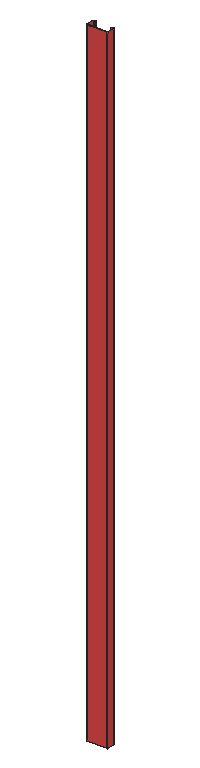
Revit family "CC column", category Structural Columns, Revit 2020
Family settings
  Section Shape = Not Defined
  Material for Model Behavior = Steel
  Always export as geometry = No
  Beam cutback in plan = From bounding box
  OmniClass Number = 23.25.30.11.14.11
  OmniClass Title = Columns
  Cut with Voids When Loaded = No
  Symbolic Representation = From Project Settings
  Shared = No
  Show family pre-cut in plan views = Yes
Parameters (values of type "CC 27")
  t1 = 1.20 mm
  W = 0
  Structural Material [instance] = Metal - Light Gauge RED
  Assembly Code = "B10"
  B = 90.00 mm
  D = 35.00 mm
  d = 11.00 mm
  A = 0.00 in²
Types (43, lengths in mm): name | t1 | B | D | d
  CC 18 | 1.20 | 90.00 | 35.00 | 11.00
  CC 20 | 1.20 | 90.00 | 35.00 | 11.00
  CC 24 | 1.20 | 90.00 | 35.00 | 11.00
  CC 44 | 1.20 | 90.00 | 35.00 | 11.00
  CC 21 | 1.20 | 90.00 | 35.00 | 11.00
  CC 17 | 1.20 | 90.00 | 35.00 | 11.00
  CC 26 | 1.20 | 90.00 | 35.00 | 11.00
  CC 30 | 1.20 | 90.00 | 35.00 | 11.00
  CC 25 | 1.20 | 90.00 | 35.00 | 11.00
  CC 34 | 1.20 | 90.00 | 35.00 | 11.00
  CC 35 | 1.20 | 90.00 | 35.00 | 11.00
  CC 38 | 1.20 | 90.00 | 35.00 | 11.00
  CC 39 | 1.20 | 90.00 | 35.00 | 11.00
  CC 31 | 1.20 | 90.00 | 35.00 | 11.00
  CC 33 | 1.20 | 90.00 | 35.00 | 11.00
  CC 1 | 2.00 | 150.00 | 75.00 | 20.00
  CC 5 | 2.00 | 150.00 | 75.00 | 20.00
  CC 9 | 2.00 | 150.00 | 75.00 | 20.00
  CC 11 | 2.00 | 150.00 | 75.00 | 20.00
  CC 14 | 2.00 | 150.00 | 75.00 | 20.00
  CC 15 | 2.00 | 150.00 | 75.00 | 20.00
  CC 40 | 2.00 | 150.00 | 75.00 | 20.00
  CC 42 | 2.00 | 150.00 | 75.00 | 20.00
  CC 41 | 2.00 | 150.00 | 75.00 | 20.00
  CC 7 | 1.20 | 220.00 | 75.00 | 20.00
  CC 29 | 1.20 | 90.00 | 35.00 | 11.00
  CC 32 | 1.20 | 90.00 | 35.00 | 11.00
  CC 43 | 1.20 | 230.00 | 75.00 | 20.00
  CC 2 | 2.00 | 150.00 | 75.00 | 20.00
  CC 4 | 2.00 | 150.00 | 75.00 | 20.00
  CC 8 | 2.00 | 150.00 | 75.00 | 20.00
  CC 22 | 1.20 | 90.00 | 35.00 | 11.00
  CC 6 | 2.00 | 150.00 | 75.00 | 20.00
  CC 10 | 2.00 | 150.00 | 75.00 | 20.00
  CC 16 | 2.00 | 150.00 | 75.00 | 20.00
  CC 23 | 1.20 | 90.00 | 35.00 | 11.00
  CC 12 | 2.00 | 150.00 | 75.00 | 20.00
  CC 3 | 1.20 | 50.00 | 35.00 | 11.00
  CC 19 | 1.20 | 90.00 | 35.00 | 11.00
  CC 36 | 1.20 | 90.00 | 35.00 | 11.00
  CC 37 | 1.20 | 90.00 | 35.00 | 11.00
  CC 28 | 1.20 | 90.00 | 35.00 | 11.00
  CC 27 | 1.20 | 90.00 | 35.00 | 11.00
Reference planes
  plane 1 "Center (Front/Back)": y = 0
  plane 2: z = 0
  plane 3 "Center (Left/Right)": x = 0
  plane 4 "Right": x = 45
  plane 5: y = 0
  plane 6: x = -34
  plane 7: x = 34
  plane 8 "Insertion(Left/Right)": x = 0
  plane 9 "2": x = -45
  plane 10: y = -35
Forms (mm)
  Extrusion 1, solid, material "Metal - Light Gauge RED" <- "Structural Material", detail levels medium
    sketch origin (-45, -55.637, 0) x (1, 0, 0) y (0, 1, 0)
      loop
        line (1.2, 54.438) -> (11, 54.438) -> (11, 55.638) -> (0, 55.638) -> (0, 20.638) -> (90, 20.638) -> (90, 55.638) -> (79, 55.638) -> (79, 54.438) -> (88.8, 54.438) -> (88.8, 21.838) -> (1.2, 21.838) -> (1.2, 54.438)
    from 0 to 2743.2
  Extrusion 2, solid, material "Metal - Light Gauge RED" <- "Structural Material", detail levels fine
    sketch origin (-45, -55.637, 0) x (1, 0, 0) y (0, 1, 0)
      loop
        arc (1.2, 52.85) -> (1.665, 53.973) -> (2.787, 54.438) r 1.588
        line (2.787, 54.438) -> (11, 54.438) -> (11, 55.638) -> (2.787, 55.638)
        arc (2.787, 55.638) -> (0.816, 54.821) -> (0, 52.85) r 2.788
        line (0, 52.85) -> (0, 23.425)
        arc (0, 23.425) -> (0.816, 21.454) -> (2.787, 20.638) r 2.787
        line (2.787, 20.638) -> (87.212, 20.638)
        arc (87.212, 20.638) -> (89.184, 21.454) -> (90, 23.425) r 2.787
        line (90, 23.425) -> (90, 52.85)
        arc (90, 52.85) -> (89.184, 54.821) -> (87.212, 55.638) r 2.788
        line (87.212, 55.638) -> (79, 55.638) -> (79, 54.438) -> (87.212, 54.438)
        arc (87.212, 54.438) -> (88.335, 53.973) -> (88.8, 52.85) r 1.588
        line (88.8, 52.85) -> (88.8, 23.425)
        arc (88.8, 23.425) -> (88.335, 22.302) -> (87.212, 21.838) r 1.588
        line (87.212, 21.838) -> (2.787, 21.838)
        arc (2.787, 21.838) -> (1.665, 22.302) -> (1.2, 23.425) r 1.587
        line (1.2, 23.425) -> (1.2, 52.85)
    from 0 to 2743.2
Lines and regions (mm)
  symbolic lines, style "Hidden Faces", detail levels medium+fine
    curve 1: line (1.2, 33.8, 2743.2) -> (1.2, 33.8, 0)
    curve 2: line (1.2, 1.2, 2743.2) -> (1.2, 1.2, 0)
    curve 3: line (1.2, 0, 2743.2) -> (1.2, 0, 0)
    curve 4: line (11, 0, 2743.2) -> (11, 0, 0)
    curve 5: line (88.8, 0, 2743.2) -> (88.8, 0, 0)
    curve 6: line (79, 0, 2743.2) -> (79, 0, 0)
  symbolic lines, style "StructuralColumnStickSymbols", detail levels coarse
    curve 7: line (-45, -35, 0) -> (-45, 0, 0)
    curve 8: line (-45, -35, 0) -> (45, -35, 0)
    curve 9: line (45, -35, 0) -> (45, 0, 0)
    curve 10: line (45, 0, 0) -> (34, 0, 0)
    curve 11: line (-45, 0, 0) -> (-34, 0, 0)
Dimensions and locks
  "t1": Extrusion 1 sketch curve to Extrusion 1 sketch curve  (x5)
  "t1": Extrusion 2 sketch curve to Extrusion 2 sketch curve  (x5)
  "d": plane 9 "2" to plane 6
  "d": plane 7 to plane 4 "Right"
  "B": plane 9 "2" to plane 4 "Right"
  "D": plane 10 to plane 5
  locked: Extrusion 2 sketch curve to Extrusion 2 sketch curve at 1.588  (x5)
  locked: Extrusion 2 sketch curve to Extrusion 2 sketch curve at 1.587  (x2)
  equal spacing: plane 6, plane 8 "Insertion(Left/Right)", plane 7
  aligned and locked: level to plane 2
  aligned and locked: level to curve 3  (x2)
  aligned and locked: level to curve 4  (x2)
  aligned and locked: level to curve 6  (x2)
  aligned and locked: level to curve 5  (x2)
  aligned and locked: level to curve 1  (x2)
  aligned and locked: level to curve 2  (x2)
  aligned and locked: Extrusion 2 to plane 4 "Right"
  aligned and locked: plane 5 to Extrusion 1 sketch curve  (x2)
  aligned and locked: Extrusion 1 sketch curve to plane 9 "2"
  aligned and locked: plane 4 "Right" to Extrusion 1 sketch curve
  aligned and locked: Extrusion 1 sketch curve to plane 10
  aligned and locked: Extrusion 1 sketch curve to plane 6
  aligned and locked: Extrusion 1 sketch curve to plane 7
  aligned and locked: curve 10 to plane 5
  aligned and locked: curve 9 to plane 4 "Right"
  aligned and locked: curve 8 to plane 10
  aligned and locked: plane 9 "2" to curve 7
  aligned and locked: plane 5 to curve 11
  aligned and locked: Extrusion 2 sketch curve to plane 9 "2"
  aligned and locked: plane 5 to Extrusion 2 sketch curve
  aligned and locked: Extrusion 2 sketch curve to plane 5
  aligned and locked: plane 4 "Right" to Extrusion 2 sketch curve
  aligned and locked: Extrusion 2 sketch curve to plane 10
  aligned and locked: plane 6 to Extrusion 2 sketch curve
  aligned and locked: plane 7 to Extrusion 2 sketch curve
  aligned and locked: level to Extrusion 1
  aligned and locked: level to Extrusion 2
  aligned and locked: Extrusion 1 to level
  aligned and locked: Extrusion 2 to level
Automatic sketch dimensions
  curve 11 to plane 6 = 0.00 mm
  curve 10 to plane 7 = 0.00 mm
  plane 3 "Center (Left/Right)" to curve 3 = 1.20 mm
  curve 3 to curve 4 = 9.80 mm
  curve 6 to plane 4 "Right" = 34.00 mm
  curve 6 to curve 5 = 9.80 mm
  Extrusion 2 sketch curve to Extrusion 2 sketch curve = 0.00 mm  (x4)
  curve 2 to plane 1 "Center (Front/Back)" = 1.20 mm
  curve 2 to curve 1 = 32.60 mm
